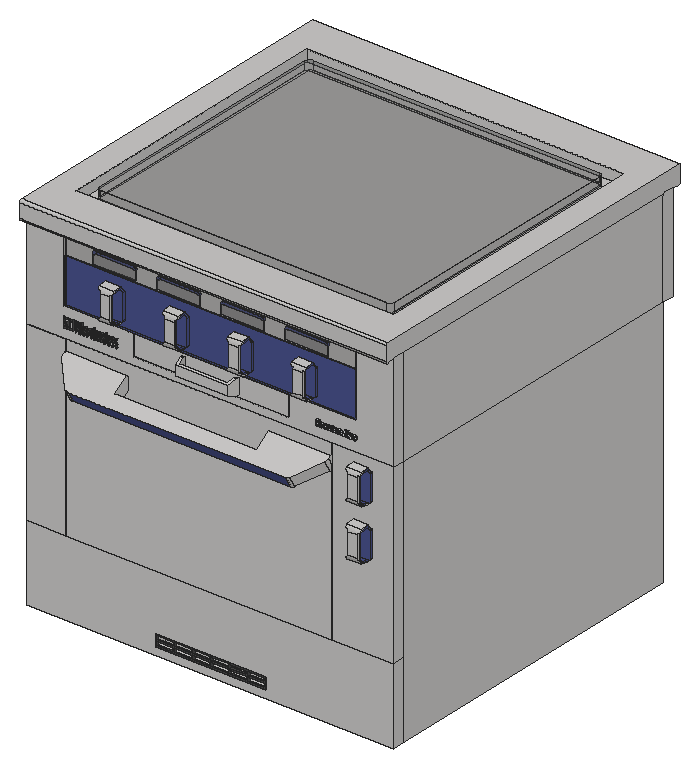
Revit family "QF_ELECTROLUXPROFESSIONAL_588417_MALLFAH8AO", category Attrezzature speciali, Revit 2020 (continued)
Definition of nested family "Front_Panel_W800_Four Knobs"
  Definition of nested family "ELX_Professional_Logo_Small"
    Forms (mm)
      Extrusion 2, solid, material <- "Material_Logo"
        sketch origin (15.5, 0, 0) x (1, 0, 0) y (0, 1, 0)
          loop
            spline (-26.936, -1.713) -> (-27.384, -1.691) -> (-27.805, -1.625) -> (-28.196, -1.518) -> (-28.556, -1.372) -> (-28.882, -1.187) -> (-29.174, -0.966) -> (-29.429, -0.71) -> (-29.645, -0.422) -> (-29.821, -0.102) -> (-29.955, 0.247) -> (-30.045, 0.623) -> (-30.089, 1.026)
            line (-30.089, 1.026) -> (-21.956, 1.026) -> (-21.915, 1.897)
          loop
            spline (-24.446, 2.769) -> (-24.47, 3.075) -> (-24.54, 3.37) -> (-24.654, 3.65) -> (-24.807, 3.913) -> (-24.996, 4.156) -> (-25.219, 4.376) -> (-25.472, 4.57) -> (-25.753, 4.736) -> (-26.057, 4.869) -> (-26.382, 4.968) -> (-26.724, 5.03) -> (-27.081, 5.051)
            spline (-27.081, 5.051) -> (-27.464, 5.03) -> (-27.832, 4.97) -> (-28.183, 4.872) -> (-28.513, 4.74) -> (-28.819, 4.577) -> (-29.099, 4.384) -> (-29.347, 4.165) -> (-29.563, 3.923) -> (-29.742, 3.659) -> (-29.881, 3.377) -> (-29.977, 3.079) -> (-30.027, 2.769)
            line (-30.027, 2.769) -> (-24.446, 2.769)
          loop
            spline (-18.167, 1.669) -> (-18.138, 2.13) -> (-18.055, 2.567) -> (-17.921, 2.978) -> (-17.739, 3.358) -> (-17.512, 3.705) -> (-17.243, 4.016) -> (-16.937, 4.287) -> (-16.596, 4.517) -> (-16.223, 4.7) -> (-15.823, 4.835) -> (-15.398, 4.919) -> (-14.951, 4.947)
            spline (-14.951, 4.947) -> (-14.677, 4.938) -> (-14.414, 4.913) -> (-14.162, 4.871) -> (-13.921, 4.812) -> (-13.69, 4.738) -> (-13.467, 4.649) -> (-13.254, 4.544) -> (-13.048, 4.424) -> (-12.85, 4.291) -> (-12.659, 4.143) -> (-12.474, 3.981) -> (-12.295, 3.806)
            line (-12.295, 3.806) -> (-10.76, 5.403)
            spline (-10.76, 5.403) -> (-11.065, 5.709) -> (-11.38, 5.984) -> (-11.703, 6.228) -> (-12.035, 6.443) -> (-12.375, 6.63) -> (-12.723, 6.788) -> (-13.078, 6.92) -> (-13.44, 7.026) -> (-13.809, 7.107) -> (-14.184, 7.164) -> (-14.564, 7.198) -> (-14.951, 7.209)
            spline (-14.951, 7.209) -> (-15.725, 7.161) -> (-16.467, 7.02) -> (-17.169, 6.792) -> (-17.826, 6.482) -> (-18.43, 6.096) -> (-18.976, 5.637) -> (-19.455, 5.112) -> (-19.862, 4.525) -> (-20.19, 3.882) -> (-20.433, 3.189) -> (-20.584, 2.449) -> (-20.635, 1.669)
            spline (-20.635, 1.669) -> (-20.584, 0.889) -> (-20.433, 0.149) -> (-20.19, -0.545) -> (-19.862, -1.187) -> (-19.455, -1.774) -> (-18.976, -2.299) -> (-18.43, -2.758) -> (-17.826, -3.145) -> (-17.169, -3.454) -> (-16.467, -3.682) -> (-15.725, -3.823) -> (-14.951, -3.871)
            spline (-14.951, -3.871) -> (-14.564, -3.86) -> (-14.184, -3.826) -> (-13.809, -3.77) -> (-13.44, -3.689) -> (-13.078, -3.583) -> (-12.723, -3.451) -> (-12.375, -3.292) -> (-12.035, -3.105) -> (-11.703, -2.89) -> (-11.38, -2.646) -> (-11.065, -2.371) -> (-10.76, -2.066)
            line (-10.76, -2.066) -> (-12.295, -0.468)
            spline (-12.295, -0.468) -> (-12.474, -0.643) -> (-12.659, -0.805) -> (-12.85, -0.953) -> (-13.048, -1.087) -> (-13.254, -1.206) -> (-13.467, -1.311) -> (-13.69, -1.4) -> (-13.921, -1.475) -> (-14.162, -1.533) -> (-14.414, -1.575) -> (-14.677, -1.6) -> (-14.951, -1.609)
            spline (-14.951, -1.609) -> (-15.398, -1.581) -> (-15.823, -1.497) -> (-16.223, -1.362) -> (-16.596, -1.179) -> (-16.937, -0.95) -> (-17.243, -0.678) -> (-17.512, -0.367) -> (-17.739, -0.02) -> (-17.921, 0.36) -> (-18.055, 0.771) -> (-18.138, 1.208) -> (-18.167, 1.669)
          loop
            spline (-4.441, -1.243) -> (-4.659, -1.247) -> (-4.894, -1.23) -> (-5.137, -1.19) -> (-5.384, -1.121) -> (-5.628, -1.021) -> (-5.864, -0.884) -> (-6.084, -0.708) -> (-6.283, -0.488) -> (-6.454, -0.219) -> (-6.592, 0.101) -> (-6.69, 0.478) -> (-6.742, 0.914)
            line (-6.742, 0.914) -> (-6.742, 4.587) -> (-4.487, 4.587) -> (-4.487, 6.838) -> (-6.738, 6.838) -> (-6.738, 10.824) -> (-9.217, 10.824) -> (-9.217, 0.773)
            spline (-9.217, 0.773) -> (-9.164, 0.19) -> (-9.068, -0.358) -> (-8.928, -0.87) -> (-8.742, -1.343) -> (-8.511, -1.777) -> (-8.232, -2.168) -> (-7.904, -2.515) -> (-7.527, -2.816) -> (-7.098, -3.069) -> (-6.618, -3.273) -> (-6.084, -3.426) -> (-5.496, -3.525)
            line (-5.496, -3.525) -> (-4.45, -3.573) -> (-4.441, -1.243)
          loop
            spline (3.898, 6.983) -> (3.469, 7.009) -> (3.056, 7.001) -> (2.661, 6.961) -> (2.283, 6.888) -> (1.925, 6.785) -> (1.588, 6.652) -> (1.272, 6.49) -> (0.979, 6.301) -> (0.71, 6.085) -> (0.465, 5.844) -> (0.247, 5.578) -> (0.056, 5.289)
            line (0.056, 5.289) -> (0.056, 6.838) -> (-2.402, 6.838) -> (-2.402, -3.572) -> (0.056, -3.572) -> (0.056, 1.901)
            spline (0.056, 1.901) -> (0.079, 2.316) -> (0.145, 2.703) -> (0.254, 3.06) -> (0.404, 3.386) -> (0.592, 3.679) -> (0.818, 3.938) -> (1.08, 4.162) -> (1.375, 4.348) -> (1.703, 4.495) -> (2.062, 4.602) -> (2.45, 4.668) -> (2.865, 4.69)
            line (2.865, 4.69) -> (3.898, 4.586) -> (3.898, 6.983)
          loop
            spline (15.638, 1.633) -> (15.586, 2.396) -> (15.435, 3.124) -> (15.192, 3.81) -> (14.863, 4.449) -> (14.455, 5.034) -> (13.975, 5.56) -> (13.43, 6.021) -> (12.826, 6.411) -> (12.17, 6.724) -> (11.469, 6.955) -> (10.729, 7.098) -> (9.958, 7.147)
            spline (9.958, 7.147) -> (9.182, 7.098) -> (8.44, 6.955) -> (7.737, 6.724) -> (7.081, 6.411) -> (6.477, 6.021) -> (5.933, 5.56) -> (5.454, 5.034) -> (5.048, 4.449) -> (4.721, 3.81) -> (4.479, 3.124) -> (4.329, 2.396) -> (4.277, 1.633)
            spline (4.277, 1.633) -> (4.329, 0.869) -> (4.479, 0.141) -> (4.721, -0.544) -> (5.048, -1.183) -> (5.454, -1.768) -> (5.933, -2.294) -> (6.477, -2.755) -> (7.081, -3.145) -> (7.737, -3.459) -> (8.44, -3.69) -> (9.182, -3.833) -> (9.958, -3.882)
            spline (9.958, -3.882) -> (10.729, -3.833) -> (11.469, -3.69) -> (12.17, -3.459) -> (12.826, -3.145) -> (13.43, -2.755) -> (13.975, -2.294) -> (14.455, -1.768) -> (14.863, -1.183) -> (15.192, -0.544) -> (15.435, 0.141) -> (15.586, 0.869) -> (15.638, 1.633)
          loop
            spline (13.18, 1.633) -> (13.151, 2.083) -> (13.067, 2.513) -> (12.932, 2.918) -> (12.748, 3.296) -> (12.52, 3.642) -> (12.251, 3.954) -> (11.943, 4.227) -> (11.601, 4.459) -> (11.228, 4.645) -> (10.828, 4.782) -> (10.403, 4.867) -> (9.958, 4.896)
            spline (9.958, 4.896) -> (9.509, 4.867) -> (9.081, 4.782) -> (8.679, 4.645) -> (8.306, 4.459) -> (7.964, 4.227) -> (7.658, 3.954) -> (7.39, 3.642) -> (7.163, 3.296) -> (6.981, 2.918) -> (6.847, 2.513) -> (6.765, 2.083) -> (6.736, 1.633)
            spline (6.736, 1.633) -> (6.765, 1.182) -> (6.847, 0.753) -> (6.981, 0.347) -> (7.163, -0.031) -> (7.39, -0.377) -> (7.658, -0.689) -> (7.964, -0.962) -> (8.306, -1.193) -> (8.679, -1.38) -> (9.081, -1.517) -> (9.509, -1.602) -> (9.958, -1.631)
            spline (9.958, -1.631) -> (10.403, -1.602) -> (10.828, -1.517) -> (11.228, -1.38) -> (11.601, -1.193) -> (11.943, -0.962) -> (12.251, -0.689) -> (12.52, -0.377) -> (12.748, -0.031) -> (12.932, 0.347) -> (13.067, 0.753) -> (13.151, 1.182) -> (13.18, 1.633)
          loop
            line (17.162, 4.269) -> (17.162, -3.573) -> (19.642, -3.573) -> (19.642, 10.824) -> (17.162, 10.824) -> (17.162, 4.269)
          loop
            line (28.581, 6.838) -> (28.581, 0.786)
            spline (28.581, 0.786) -> (28.561, 0.393) -> (28.503, 0.038) -> (28.409, -0.279) -> (28.281, -0.559) -> (28.122, -0.802) -> (27.933, -1.011) -> (27.717, -1.185) -> (27.476, -1.325) -> (27.213, -1.433) -> (26.929, -1.509) -> (26.626, -1.554) -> (26.308, -1.569)
            spline (26.308, -1.569) -> (25.99, -1.554) -> (25.688, -1.509) -> (25.404, -1.434) -> (25.141, -1.326) -> (24.9, -1.187) -> (24.684, -1.014) -> (24.496, -0.807) -> (24.336, -0.565) -> (24.209, -0.288) -> (24.115, 0.026) -> (24.057, 0.376) -> (24.037, 0.765)
            line (24.037, 0.765) -> (24.037, 6.838) -> (21.537, 6.838) -> (21.537, 0.558)
            spline (21.537, 0.558) -> (21.581, -0.153) -> (21.71, -0.8) -> (21.916, -1.384) -> (22.195, -1.904) -> (22.54, -2.362) -> (22.944, -2.757) -> (23.403, -3.09) -> (23.909, -3.362) -> (24.456, -3.572) -> (25.04, -3.722) -> (25.652, -3.811) -> (26.288, -3.841)
            spline (26.288, -3.841) -> (26.929, -3.811) -> (27.547, -3.72) -> (28.135, -3.568) -> (28.687, -3.355) -> (29.197, -3.079) -> (29.66, -2.741) -> (30.068, -2.341) -> (30.415, -1.877) -> (30.696, -1.349) -> (30.905, -0.757) -> (31.034, -0.101) -> (31.079, 0.621)
            line (31.079, 0.621) -> (31.079, 6.838) -> (28.581, 6.838)
          loop
            line (40.457, -0.243) -> (38.894, 1.942) -> (40.83, 4.579) -> (42.488, 6.837) -> (39.782, 6.837) -> (37.53, 3.719) -> (35.258, 6.837) -> (32.573, 6.837) -> (34.113, 4.731) -> (36.167, 1.922) -> (34.014, -1.076) -> (32.222, -3.573) -> (34.887, -3.573) -> (37.53, 0.104) -> (40.174, -3.573) -> (42.839, -3.573) -> (40.457, -0.243)
          loop
            line (-46.121, -5.837) -> (-48.039, -5.837) -> (-48.039, -10.814) -> (-47.016, -10.814) -> (-47.016, -9.128) -> (-46.121, -9.128)
            arc (-46.121, -9.128) -> (-44.476, -7.482) -> (-46.121, -5.837) r 1.645
          loop
            line (-46.163, -6.778) -> (-47.016, -6.778) -> (-47.016, -8.187) -> (-46.163, -8.187)
            arc (-46.163, -8.187) -> (-45.458, -7.482) -> (-46.163, -6.778) r 0.704
          loop
            line (-38.313, -5.837) -> (-40.265, -5.837) -> (-40.265, -10.814) -> (-39.241, -10.814) -> (-39.241, -9.1) -> (-38.46, -9.182) -> (-37.48, -10.814) -> (-36.318, -10.814) -> (-37.513, -8.848)
            arc (-37.513, -8.848) -> (-36.888, -8.266) -> (-36.671, -7.441) r 1.536
            arc (-36.671, -7.441) -> (-37.165, -6.305) -> (-38.313, -5.837) r 1.643
          loop
            arc (-38.402, -8.166) -> (-37.707, -7.505) -> (-38.334, -6.778) r 0.696
            line (-38.334, -6.778) -> (-39.241, -6.778) -> (-39.241, -8.166) -> (-38.402, -8.166)
          loop
            circle (-29.965, -8.325) r 2.585
          loop
            circle (-29.965, -8.325) r 1.64
          loop
            line (-23.1, -5.837) -> (-23.1, -10.814) -> (-22.076, -10.814) -> (-22.076, -8.768) -> (-20.204, -8.768) -> (-20.204, -7.828) -> (-22.076, -7.828) -> (-22.076, -6.778) -> (-20.024, -6.778) -> (-20.024, -5.837) -> (-23.1, -5.837)
          loop
            line (-15.802, -5.837) -> (-15.802, -9.2)
            arc (-15.802, -9.2) -> (-15.343, -10.34) -> (-14.209, -10.814) r 1.593
            line (-14.209, -10.814) -> (-12.602, -10.814) -> (-12.602, -10.027) -> (-14.004, -10.027)
            arc (-14.004, -10.027) -> (-14.552, -9.8) -> (-14.779, -9.252) r 0.775
            line (-14.779, -9.252) -> (-14.779, -8.424) -> (-12.789, -8.424) -> (-12.789, -7.642) -> (-14.779, -7.642) -> (-14.779, -6.778) -> (-12.651, -6.778) -> (-12.651, -5.837) -> (-15.802, -5.837)
          loop
            line (-5.909, -7.143) -> (-5.173, -6.638)
            arc (-5.173, -6.638) -> (-5.855, -5.974) -> (-6.781, -5.755) r 1.782
            arc (-6.781, -5.755) -> (-7.397, -5.878) -> (-7.944, -6.189) r 1.974
            arc (-7.944, -6.189) -> (-8.202, -6.5) -> (-8.317, -6.888) r 1.013
            arc (-8.317, -6.888) -> (-8.306, -7.341) -> (-8.192, -7.78) r 1.985
            arc (-8.192, -7.78) -> (-7.749, -8.259) -> (-7.171, -8.563) r 1.928
            arc (-7.171, -8.563) -> (-6.637, -8.779) -> (-6.131, -9.056) r 5.041
            arc (-6.131, -9.056) -> (-5.934, -9.387) -> (-6.09, -9.74) r 0.42
            arc (-6.09, -9.74) -> (-6.631, -9.96) -> (-7.204, -9.845) r 1.016
            arc (-7.204, -9.845) -> (-7.625, -9.603) -> (-7.889, -9.196) r 1.033
            line (-7.889, -9.196) -> (-8.67, -9.686)
            arc (-8.67, -9.686) -> (-8.361, -10.198) -> (-7.908, -10.589) r 1.914
            arc (-7.908, -10.589) -> (-7.334, -10.834) -> (-6.714, -10.896) r 2.063
            arc (-6.714, -10.896) -> (-5.947, -10.743) -> (-5.256, -10.376) r 2.696
            arc (-5.256, -10.376) -> (-4.95, -9.565) -> (-5.108, -8.712) r 1.618
            arc (-5.108, -8.712) -> (-5.448, -8.319) -> (-5.884, -8.035) r 1.876
            arc (-5.884, -8.035) -> (-6.434, -7.789) -> (-6.999, -7.577) r 9.883
            arc (-6.999, -7.577) -> (-7.325, -7.07) -> (-6.854, -6.694) r 0.45
            arc (-6.854, -6.694) -> (-6.329, -6.809) -> (-5.909, -7.143) r 1.197
          loop
            line (1.61, -7.143) -> (2.345, -6.638)
            arc (2.345, -6.638) -> (1.663, -5.974) -> (0.737, -5.755) r 1.782
            arc (0.737, -5.755) -> (0.121, -5.878) -> (-0.425, -6.189) r 1.974
            arc (-0.425, -6.189) -> (-0.683, -6.5) -> (-0.799, -6.888) r 1.013
            arc (-0.799, -6.888) -> (-0.788, -7.341) -> (-0.674, -7.78) r 1.985
            arc (-0.674, -7.78) -> (-0.231, -8.259) -> (0.347, -8.563) r 1.928
            arc (0.347, -8.563) -> (0.881, -8.779) -> (1.387, -9.056) r 5.041
            arc (1.387, -9.056) -> (1.584, -9.387) -> (1.428, -9.74) r 0.42
            arc (1.428, -9.74) -> (0.887, -9.96) -> (0.314, -9.845) r 1.016
            arc (0.314, -9.845) -> (-0.107, -9.603) -> (-0.371, -9.196) r 1.033
            line (-0.371, -9.196) -> (-1.152, -9.686)
            arc (-1.152, -9.686) -> (-0.842, -10.198) -> (-0.39, -10.589) r 1.914
            arc (-0.39, -10.589) -> (0.184, -10.834) -> (0.804, -10.896) r 2.063
            arc (0.804, -10.896) -> (1.572, -10.743) -> (2.263, -10.376) r 2.696
            arc (2.263, -10.376) -> (2.568, -9.565) -> (2.411, -8.712) r 1.618
            arc (2.411, -8.712) -> (2.07, -8.319) -> (1.635, -8.035) r 1.876
            arc (1.635, -8.035) -> (1.084, -7.789) -> (0.519, -7.577) r 9.883
            arc (0.519, -7.577) -> (0.193, -7.07) -> (0.665, -6.694) r 0.45
            arc (0.665, -6.694) -> (1.189, -6.809) -> (1.61, -7.143) r 1.197
          loop
            line (6.801, -5.837) -> (6.801, -10.814) -> (7.825, -10.814) -> (7.825, -5.837) -> (6.801, -5.837)
          loop
            circle (14.724, -8.325) r 1.548
          loop
            circle (14.724, -8.325) r 2.585
          loop
            line (21.59, -10.814) -> (22.623, -10.814) -> (22.623, -7.685) -> (24.9, -10.814) -> (25.895, -10.814) -> (25.895, -5.837) -> (24.861, -5.837) -> (24.861, -9.061) -> (22.585, -5.837) -> (21.59, -5.837) -> (21.59, -10.814)
          loop
            line (31.054, -10.814) -> (31.539, -9.74) -> (33.38, -9.74) -> (33.865, -10.814) -> (34.965, -10.814) -> (32.46, -5.837) -> (29.956, -10.814) -> (31.054, -10.814)
          loop
            line (32.46, -7.698) -> (31.999, -8.719) -> (32.921, -8.719) -> (32.46, -7.698)
          loop
            line (40.047, -9.873) -> (40.047, -5.837) -> (39.024, -5.837) -> (39.024, -10.814) -> (41.961, -10.814) -> (41.961, -9.873) -> (40.047, -9.873)
          loop
            line (-74.986, -10.814) -> (-53.322, -10.814) -> (-53.322, 10.82) -> (-74.986, 10.82) -> (-74.986, -10.814)
          loop
            line (-61.261, 9.758) -> (-61.261, -9.707)
            arc (-61.261, -9.707) -> (-54.066, 0.025) -> (-61.261, 9.758) r 10.18
          loop
            line (-62.251, 8.349) -> (-62.251, 9.758)
            arc (-62.251, 9.758) -> (-70.347, 7.918) -> (-74.247, 0.59) r 9.976
            line (-74.247, 0.59) -> (-71.026, 0.59)
            arc (-71.026, 0.59) -> (-65.274, 2.925) -> (-62.251, 8.349) r 9.351
          loop
            arc (-74.247, -0.539) -> (-70.353, -7.928) -> (-62.251, -9.957) r 10.237
            line (-62.251, -9.957) -> (-62.251, -8.298)
            arc (-62.251, -8.298) -> (-65.274, -2.874) -> (-71.026, -0.539) r 9.351
            line (-71.026, -0.539) -> (-74.247, -0.539)
        from 0 to 1.644
    Dimensions and locks
      aligned and locked: plane 2 to Extrusion 1
      aligned and locked: level to Extrusion 1
